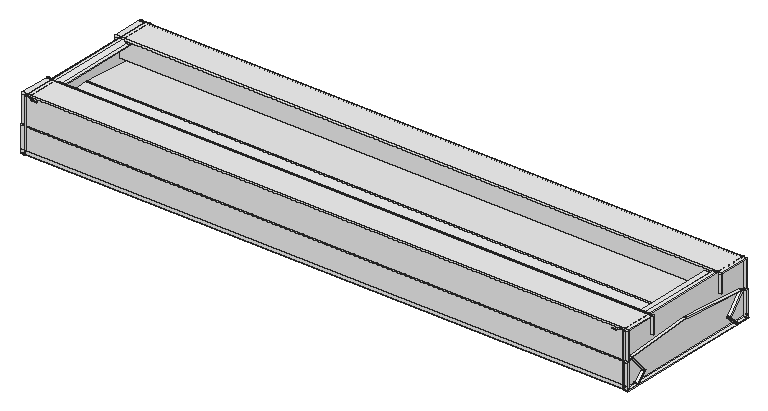
Revit family "LRTS", category Lighting Fixtures, host Ceiling, Revit 2019
Family settings
  Host = Ceiling
  Round Connector Dimension = Use Diameter
  Part Type = Normal
  OmniClass Number = 23.80.70.11.14.17
  OmniClass Title = Direct/Indirect
  Always vertical = Yes
  Cut with Voids When Loaded = No
  Light Source = Yes
  Shared = No
  Room Calculation Point = No
Parameters (values of type "LRTS1X4-LED840K065LUNV")
  Width = 0' - 11 207/256"
  Wattage = 78 W
  built-in parameter 1150110 = 1 (stored number, unit not read)
  Voltage = 120 V
  URL = "https://viscor.com/products/lrts"
  built-in parameter 1114217 = 0.9 (stored number, unit not read)
  Tilt Angle = 90.00°
  built-in parameter 1150109 = 1 (stored number, unit not read)
  built-in parameter 1150134 = 12
  built-in parameter 1150113 = 1 (stored number, unit not read)
  Photometric Web File = "LRTS1X4-LED840K065LUNV.ies"
  Model = "LRTS"  # constant formula
  Manufacturer = "VISIONEERING by VISCOR"  # constant formula
  Lumens = 6510.66 lm
  built-in parameter 1150115 = 1 (stored number, unit not read)
  built-in parameter 1150105 = 518.1 (stored number, unit not read)
  built-in parameter 1150137 = (empty or 0)
  built-in parameter 1150139 = (empty or 0)
  Lens Finish = Acrylic - Viscor - Frosted White
  Lens Depth = 0' - 0 1/8"
  Length = 3' - 11 3/4"
  Lamp Wattage = 78 VA
  built-in parameter 1150112 = 1 (stored number, unit not read)
  built-in parameter 1150114 = 1 (stored number, unit not read)
  Lamp = "LED"  # constant formula
  built-in parameter 1150132 = (empty or 0)
  built-in parameter 1150102 = (empty or 0)
  built-in parameter 1150138 = (empty or 0)
  built-in parameter 1150107 = 4000 (stored number, unit not read)
  built-in parameter 1150106 = 5.181 (stored number, unit not read)
  Housing Finish = Metal - Viscor - White
  Emit from Rectangle Width = Width  # 0' - 11 207/256"
  Emit from Rectangle Length = Length  # 3' - 11 3/4"
  Emit from Rectangle Height = Lens Depth  # 0' - 0 1/8"
  Emit Shape Visible in Rendering = no
  built-in parameter 1150104 = 7.7546 (stored number, unit not read)
  Dimming Lamp Color Temperature Shift = <None>
  Description = "Architectural Recessed Troffer Type S"  # constant formula
  Color Filter = 16777215
  built-in parameter 1114218 = 1 (stored number, unit not read)
  built-in parameter 1150133 = 10 (stored number, unit not read)
  Assembly Code = "D5020200"
  Apparent Load = Lamp Wattage  # 78 VA
Types (13): name | Width | Wattage | Photometric Web File | Lumens | built-in parameter 1150105 | Length | Lamp Wattage | built-in parameter 1150106 | Emit from Rectangle Width | Emit from Rectangle Length | built-in parameter 1150104 | Apparent Load
  (no name) | 0' - 11 207/256" | 78 W | "LRTS1X4-LED840K065LUNV.ies" | 6510.66 lm | 518.1 (stored number, unit not read) | 3' - 11 3/4" | 78 VA | 5.181 (stored number, unit not read) | 0' - 11 207/256" | 3' - 11 3/4" | 7.7546 (stored number, unit not read) | 78 VA
  LRTS2X4-LED840K030LUNV | 1' - 11 7/16" | 35 W | "LRTS2X4-LED840K030LUNV.ies" | 3024 lm | 240.64 (stored number, unit not read) | 3' - 11 3/4" | 35 VA | 2.4064 (stored number, unit not read) | 1' - 11 7/16" | 3' - 11 3/4" | 8.0268 (stored number, unit not read) | 35 VA
  LRTS2X4-LED840K050LUNV | 1' - 11 7/16" | 59.061 W | "LRTS2X4-LED840K050LUNV.ies" | 5032 lm | 400.43 (stored number, unit not read) | 3' - 11 3/4" | 59 VA | 4.0043 (stored number, unit not read) | 1' - 11 7/16" | 3' - 11 3/4" | 7.9153 (stored number, unit not read) | 59 VA
  LRTS2X2-LED840K027LUNV | 1' - 11 7/16" | 35.0649 W | "LRTS2X2-LED840K027LUNV.ies" | 2700 lm | 214.86 (stored number, unit not read) | 1' - 11 3/4" | 35 VA | 2.1486 (stored number, unit not read) | 1' - 11 7/16" | 1' - 11 3/4" | 7.1535 (stored number, unit not read) | 35 VA
  LRTS2X2-LED840K019LUNV | 1' - 11 7/16" | 25.0519 W | "LRTS2X2-LED840K019LUNV.ies" | 1929 lm | 153.5 (stored number, unit not read) | 1' - 11 3/4" | 25 VA | 1.535 (stored number, unit not read) | 1' - 11 7/16" | 1' - 11 3/4" | 7.1535 (stored number, unit not read) | 25 VA
  LRTS2X2-LED840K036LUNV | 1' - 11 7/16" | 47.0366 W | "LRTS2X2-LED840K036LUNV.ies" | 3603 lm | 286.72 (stored number, unit not read) | 1' - 11 3/4" | 47 VA | 2.8672 (stored number, unit not read) | 1' - 11 7/16" | 1' - 11 3/4" | 7.1164 (stored number, unit not read) | 47 VA
  LRTS2X2-LED840K043LUNV | 1' - 11 7/16" | 58.0134 W | "LRTS2X2-LED840K043LUNV.ies" | 4322 lm | 343.93 (stored number, unit not read) | 1' - 11 3/4" | 58 VA | 3.4393 (stored number, unit not read) | 1' - 11 7/16" | 1' - 11 3/4" | 6.9213 (stored number, unit not read) | 58 VA
  LRTS2X4-LED840K040LUNV | 1' - 11 7/16" | 47.0513 W | "LRTS2X4-LED840K040LUNV.ies" | 4037 lm | 321.25 (stored number, unit not read) | 3' - 11 3/4" | 47 VA | 3.2125 (stored number, unit not read) | 1' - 11 7/16" | 3' - 11 3/4" | 7.9711 (stored number, unit not read) | 47 VA
  LRTS2X4-LED840K065LUNV | 1' - 11 7/16" | 77.0414 W | "LRTS2X4-LED840K065LUNV.ies" | 6510 lm | 518.05 (stored number, unit not read) | 3' - 11 3/4" | 77 VA | 5.1805 (stored number, unit not read) | 1' - 11 7/16" | 3' - 11 3/4" | 7.8503 (stored number, unit not read) | 77 VA
  LRTS1X4-LED840K030LUNV | 0' - 11 207/256" | 33.9775 W | "LRTS1X4-LED840K030LUNV.ies" | 3024 lm | 240.64 (stored number, unit not read) | 3' - 11 3/4" | 34 VA | 2.4064 (stored number, unit not read) | 0' - 11 207/256" | 3' - 11 3/4" | 8.2684 (stored number, unit not read) | 34 VA
  LRTS1X4-LED840K040LUNV | 0' - 11 207/256" | 46 W | "LRTS1X4-LED840K040LUNV.ies" | 4037.42 lm | 321.29 (stored number, unit not read) | 3' - 11 3/4" | 46 VA | 3.2129 (stored number, unit not read) | 0' - 11 207/256" | 3' - 11 3/4" | 8.1541 (stored number, unit not read) | 46 VA
  LRTS1X4-LED840K050LUNV | 0' - 11 207/256" | 58 W | "LRTS1X4-LED840K050LUNV.ies" | 5032.66 lm | 400.49 (stored number, unit not read) | 3' - 11 3/4" | 58 VA | 4.0049 (stored number, unit not read) | 0' - 11 207/256" | 3' - 11 3/4" | 8.0612 (stored number, unit not read) | 58 VA
  LRTS1X4-LED840K065LUNV | 0' - 11 207/256" | 78 W | "LRTS1X4-LED840K065LUNV.ies" | 6510.66 lm | 518.1 (stored number, unit not read) | 3' - 11 3/4" | 78 VA | 5.181 (stored number, unit not read) | 0' - 11 207/256" | 3' - 11 3/4" | 7.7546 (stored number, unit not read) | 78 VA
Reference planes (in)
  plane 1 "Light Source Axis (F/B)": y = 0
  plane 2 "Ceiling": z = 96
  plane 3 "Light Source Axis (L/R)": x = 0
  plane 4 "Light Source Elevation": z = 95.875
  plane 5: y = 5.9043
  plane 6: y = -5.9043
  plane 7: x = -23.875
  plane 8: x = 23.875
  plane 9 "Lens Depth": z = 95.875
  plane 10: x = -23.84375
  plane 11: x = 23.84375
Forms (in)
  Extrusion 1, solid, material "Metal - Viscor - White" <- "Housing Finish"
    sketch origin (0, 0, 0) x (0, 1, 0) y (0, 0, 1)
      loop
        line (5.87055, 96.069) -> (5.87055, 97.99887)
        arc (5.87055, 97.99887) -> (5.85737, 98.03943) -> (5.82287, 98.06449) r 0.069
        line (5.82287, 98.06449) -> (5.39502, 98.20351)
        arc (5.39502, 98.20351) -> (2.73046, 98.51588) -> (0.04977, 98.62276) r 34.9185
        line (0.04977, 98.62276) -> (-0.04977, 98.62276)
        arc (-0.04977, 98.62276) -> (-2.73046, 98.51588) -> (-5.39502, 98.20351) r 34.9185
        line (-5.39502, 98.20351) -> (-5.82287, 98.06449)
        arc (-5.82287, 98.06449) -> (-5.85737, 98.03943) -> (-5.87055, 97.99887) r 0.069
        line (-5.87055, 97.99887) -> (-5.87055, 96.069) -> (-5.8393, 96.069) -> (-5.8393, 97.99887)
        arc (-5.8393, 97.99887) -> (-5.83209, 98.02106) -> (-5.81321, 98.03477) r 0.03775
        line (-5.81321, 98.03477) -> (-5.38536, 98.17379)
        arc (-5.38536, 98.17379) -> (-2.72624, 98.48526) -> (-0.05106, 98.59191) r 34.88764
        line (-0.05106, 98.59191) -> (0.05106, 98.59191)
        arc (0.05106, 98.59191) -> (2.72624, 98.48526) -> (5.38536, 98.17379) r 34.88764
        line (5.38536, 98.17379) -> (5.81321, 98.03477)
        arc (5.81321, 98.03477) -> (5.83209, 98.02106) -> (5.8393, 97.99887) r 0.03775
        line (5.8393, 97.99887) -> (5.8393, 96.069) -> (5.87055, 96.069)
    from -23.84375 to 23.84375
  Extrusion 2, solid, material "Metal - Viscor - White" <- "Housing Finish"
    sketch origin (0, 0, 0) x (1, 0, 0) y (0, 0, 1)
      loop
        arc (-23.56958, 96) -> (-23.52079, 96.02021) -> (-23.50058, 96.069) r 0.069
        line (-23.50058, 96.069) -> (-23.50058, 100.149)
        arc (-23.50058, 100.149) -> (-23.48916, 100.17658) -> (-23.46158, 100.188) r 0.039
        line (-23.46158, 100.188) -> (-23.18858, 100.188) -> (-22.95722, 100.01477)
        arc (-22.95722, 100.01477) -> (-22.93766, 100.00453) -> (-22.91587, 100.001) r 0.069
        line (-22.91587, 100.001) -> (-22.61432, 100.001) -> (-22.61432, 100.03225) -> (-22.92843, 100.03225) -> (-23.17818, 100.21925) -> (-23.46158, 100.21925)
        arc (-23.46158, 100.21925) -> (-23.51126, 100.19867) -> (-23.53183, 100.149) r 0.07025
        line (-23.53183, 100.149) -> (-23.53183, 96.069)
        arc (-23.53183, 96.069) -> (-23.54289, 96.04231) -> (-23.56958, 96.03125) r 0.03775
        line (-23.56958, 96.03125) -> (-23.875, 96.03125) -> (-23.875, 96) -> (-23.56958, 96)
    from -5.9043 to 5.9043
  Extrusion 3, solid, material "Metal - Viscor - White" <- "Housing Finish"
    sketch origin (0, 0, 0) x (-1, 0, 0) y (0, 0, -1)
      loop
        line (-23.56958, -96) -> (-23.875, -96) -> (-23.875, -96.03125) -> (-23.56958, -96.03125)
        arc (-23.56958, -96.03125) -> (-23.54289, -96.04231) -> (-23.53183, -96.069) r 0.03775
        line (-23.53183, -96.069) -> (-23.53183, -100.149)
        arc (-23.53183, -100.149) -> (-23.51126, -100.19867) -> (-23.46158, -100.21925) r 0.07025
        line (-23.46158, -100.21925) -> (-23.17818, -100.21925) -> (-22.92843, -100.03225) -> (-22.61432, -100.03225) -> (-22.61432, -100.001) -> (-22.91587, -100.001)
        arc (-22.91587, -100.001) -> (-22.93766, -100.00453) -> (-22.95722, -100.01477) r 0.069
        line (-22.95722, -100.01477) -> (-23.18858, -100.188) -> (-23.46158, -100.188)
        arc (-23.46158, -100.188) -> (-23.48916, -100.17658) -> (-23.50058, -100.149) r 0.039
        line (-23.50058, -100.149) -> (-23.50058, -96.069)
        arc (-23.50058, -96.069) -> (-23.52079, -96.02021) -> (-23.56958, -96) r 0.069
    from -5.9043 to 5.9043
  Extrusion 4, solid, material "Metal - Viscor - White" <- "Housing Finish"
    sketch origin (0, 0, 0) x (0, 1, 0) y (0, 0, 1)
      loop
        line (5.83005, 98.06787) -> (5.83005, 100.179)
        arc (5.83005, 100.179) -> (5.81189, 100.22284) -> (5.76805, 100.241) r 0.062
        line (5.76805, 100.241) -> (3.38905, 100.241)
        arc (3.38905, 100.241) -> (3.34521, 100.22284) -> (3.32705, 100.179) r 0.062
        line (3.32705, 100.179) -> (3.32705, 98.82708) -> (3.3583, 98.82708) -> (3.3583, 100.179)
        arc (3.3583, 100.179) -> (3.3673, 100.20074) -> (3.38905, 100.20975) r 0.03075
        line (3.38905, 100.20975) -> (5.76805, 100.20975)
        arc (5.76805, 100.20975) -> (5.78979, 100.20074) -> (5.7988, 100.179) r 0.03075
        line (5.7988, 100.179) -> (5.7988, 98.06787) -> (5.83005, 98.06787)
    from -23.84375 to 23.84375
  Extrusion 5, solid, material "Metal - Viscor - White" <- "Housing Finish"
    sketch origin (0, 0, 0) x (0, -1, 0) y (0, 0, -1)
      loop
        line (5.83005, -98.06787) -> (5.7988, -98.06787) -> (5.7988, -100.179)
        arc (5.7988, -100.179) -> (5.78979, -100.20074) -> (5.76805, -100.20975) r 0.03075
        line (5.76805, -100.20975) -> (3.38905, -100.20975)
        arc (3.38905, -100.20975) -> (3.3673, -100.20074) -> (3.3583, -100.179) r 0.03075
        line (3.3583, -100.179) -> (3.3583, -98.82708) -> (3.32705, -98.82708) -> (3.32705, -100.179)
        arc (3.32705, -100.179) -> (3.34521, -100.22284) -> (3.38905, -100.241) r 0.062
        line (3.38905, -100.241) -> (5.76805, -100.241)
        arc (5.76805, -100.241) -> (5.81189, -100.22284) -> (5.83005, -100.179) r 0.062
        line (5.83005, -100.179) -> (5.83005, -98.06787)
    from -23.84375 to 23.84375
  Extrusion 6, void
    sketch origin (0, 0, 0) x (1, 0, 0) y (0, 1, 0)
      loop
        line (-23.875, -5.9043) -> (23.875, -5.9043) -> (23.875, 5.9043) -> (-23.875, 5.9043) -> (-23.875, -5.9043)
    from 95.65847 to 100.53177
  Extrusion 7, solid, material "Metal - Viscor - White" <- "Housing Finish"
    sketch origin (0, 0, 0) x (0, 1, 0) y (0, 0, 1)
      loop
        line (5.90055, 96.053) -> (5.90055, 96.29147) -> (5.8693, 96.29147) -> (5.8693, 96.053)
        arc (5.8693, 96.053) -> (5.86293, 96.03762) -> (5.84755, 96.03125) r 0.02175
        line (5.84755, 96.03125) -> (4.84806, 96.03125) -> (4.14132, 96.73799) -> (4.11923, 96.71589) -> (4.8196, 96.01552)
        arc (4.8196, 96.01552) -> (4.83679, 96.00403) -> (4.85707, 96) r 0.053
        line (4.85707, 96) -> (5.84755, 96)
        arc (5.84755, 96) -> (5.88502, 96.01552) -> (5.90055, 96.053) r 0.053
    from -23.84375 to 23.84375
  Extrusion 8, solid, material "Metal - Viscor - White" <- "Housing Finish"
    sketch origin (0, 0, 0) x (0, -1, 0) y (0, 0, -1)
      loop
        arc (5.90055, -96.053) -> (5.88502, -96.01552) -> (5.84755, -96) r 0.053
        line (5.84755, -96) -> (4.85707, -96)
        arc (4.85707, -96) -> (4.83679, -96.00403) -> (4.8196, -96.01552) r 0.053
        line (4.8196, -96.01552) -> (4.11923, -96.71589) -> (4.14132, -96.73799) -> (4.84806, -96.03125) -> (5.84755, -96.03125)
        arc (5.84755, -96.03125) -> (5.86293, -96.03762) -> (5.8693, -96.053) r 0.02175
        line (5.8693, -96.053) -> (5.8693, -96.29147) -> (5.90055, -96.29147) -> (5.90055, -96.053)
    from -23.84375 to 23.84375
  Extrusion 9, solid, material "Acrylic - Viscor - Frosted White" <- "Lens Finish"
    sketch origin (0, 0, 0) x (0, 1, 0) y (0, 0, 1)
      loop
        line (4.8483, 96.03042) -> (4.87592, 96.05804) -> (4.24079, 96.69317)
        arc (4.24079, 96.69317) -> (4.22913, 96.71967) -> (4.23844, 96.74708) r 0.03994
        line (4.23844, 96.74708) -> (5.3813, 98.10909)
        arc (5.3813, 98.10909) -> (5.40088, 98.12181) -> (5.42423, 98.1214) r 0.03994
        line (5.42423, 98.1214) -> (5.80153, 97.99881) -> (5.8136, 98.03596) -> (5.4363, 98.15855)
        arc (5.4363, 98.15855) -> (5.39011, 98.15936) -> (5.35137, 98.1342) r 0.079
        line (5.35137, 98.1342) -> (4.20851, 96.77219)
        arc (4.20851, 96.77219) -> (4.19011, 96.71797) -> (4.21317, 96.66555) r 0.079
        line (4.21317, 96.66555) -> (4.8483, 96.03042)
    from -23.84375 to 23.84375
  Extrusion 10, solid, material "Acrylic - Viscor - Frosted White" <- "Lens Finish"
    sketch origin (0, 0, 0) x (0, -1, 0) y (0, 0, -1)
      loop
        line (4.8483, -96.03042) -> (4.21317, -96.66555)
        arc (4.21317, -96.66555) -> (4.19011, -96.71797) -> (4.20851, -96.77219) r 0.079
        line (4.20851, -96.77219) -> (5.35137, -98.1342)
        arc (5.35137, -98.1342) -> (5.39011, -98.15936) -> (5.4363, -98.15855) r 0.079
        line (5.4363, -98.15855) -> (5.8136, -98.03596) -> (5.80153, -97.99881) -> (5.42423, -98.1214)
        arc (5.42423, -98.1214) -> (5.40088, -98.12181) -> (5.3813, -98.10909) r 0.03994
        line (5.3813, -98.10909) -> (4.23844, -96.74708)
        arc (4.23844, -96.74708) -> (4.22913, -96.71967) -> (4.24079, -96.69317) r 0.03994
        line (4.24079, -96.69317) -> (4.87592, -96.05804) -> (4.8483, -96.03042)
    from -23.84375 to 23.84375
Dimensions and locks (in)
  equal spacing: host sketch curve, plane 3 "Light Source Axis (L/R)", host sketch curve
  equal spacing: host sketch curve, plane 1 "Light Source Axis (F/B)", host sketch curve
  host sketch curve to host sketch curve = 10' - 0"  (x2)
  equal spacing: plane 7, plane 3 "Light Source Axis (L/R)", plane 8
  "Length": plane 7 to plane 8
  equal spacing: plane 5, plane 1 "Light Source Axis (F/B)", plane 6
  "Width": plane 5 to plane 6
  "Emit from Rectangle Height": plane 4 "Light Source Elevation" to plane 2 "Ceiling"
  "Lens Depth": plane 2 "Ceiling" to plane 9 "Lens Depth"
  locked: plane 10 to plane 7 at 0.03125
  locked: plane 11 to plane 8 at 0.03125
  aligned and locked: plane 3 "Light Source Axis (L/R)" to imposter light
  aligned and locked: plane 1 "Light Source Axis (F/B)" to imposter light
  aligned and locked: plane 4 "Light Source Elevation" to imposter light
  aligned and locked: Extrusion 1 to plane 10
  aligned and locked: Extrusion 1 to plane 11
  aligned and locked: Extrusion 2 to plane 6
  aligned and locked: plane 5 to Extrusion 2
  aligned and locked: plane 5 to Extrusion 3
  aligned and locked: Extrusion 3 to plane 6
  aligned and locked: Extrusion 4 to plane 10
  aligned and locked: Extrusion 4 to plane 11
  aligned and locked: plane 10 to Extrusion 5
  aligned and locked: Extrusion 5 to plane 11
  aligned and locked: Extrusion 7 to plane 10
  aligned and locked: Extrusion 7 to plane 11
  aligned and locked: plane 10 to Extrusion 8
  aligned and locked: Extrusion 8 to plane 11
  aligned and locked: Extrusion 9 to plane 10
  aligned and locked: Extrusion 9 to plane 11
  aligned and locked: plane 10 to Extrusion 10
  aligned and locked: Extrusion 10 to plane 11
Automatic sketch dimensions
  Extrusion 1 sketch curve to Extrusion 1 sketch curve = 0' - 0"  (x16)
  Extrusion 1 sketch curve to plane 1 "Light Source Axis (F/B)" = 0' - 0"
  plane 1 "Light Source Axis (F/B)" to Extrusion 1 sketch curve = 0' - 0.04977"
  Extrusion 1 sketch curve to Extrusion 1 sketch curve = 0' - 0.00129"  (x2)
  plane 6 to Extrusion 1 sketch curve = 0' - 0.51894"
  Extrusion 1 sketch curve to Extrusion 1 sketch curve = 0' - 0.00966"  (x4)
  plane 6 to Extrusion 1 sketch curve = 0' - 0.10275"
  Extrusion 1 sketch curve to Extrusion 1 sketch curve = 0' - 0.01167"  (x2)
  plane 6 to Extrusion 1 sketch curve = 0' - 0.065"
  Extrusion 1 sketch curve to Extrusion 1 sketch curve = 0' - 0 1/32"  (x2)
  Extrusion 1 sketch curve to plane 1 "Light Source Axis (F/B)" = 0' - 0.04977"
  Extrusion 1 sketch curve to plane 5 = 0' - 0.51894"
  Extrusion 1 sketch curve to plane 5 = 0' - 0.10275"
  Extrusion 1 sketch curve to plane 5 = 0' - 0.065"
  plane 4 "Light Source Elevation" to Extrusion 1 sketch curve = 2' - 8.1707"
  plane 2 "Ceiling" to Extrusion 1 sketch curve = 0' - 0.069"  (x2)
  Extrusion 1 sketch curve to Extrusion 1 sketch curve = 0' - 1.92987"  (x2)
  Extrusion 1 sketch curve to Extrusion 1 sketch curve = 0' - 0.13902"
  Extrusion 1 sketch curve to Extrusion 1 sketch curve = 0' - 0.02972"
  Extrusion 2 sketch curve to Extrusion 2 sketch curve = 0' - 0"  (x4)
  Extrusion 2 sketch curve to plane 2 "Ceiling" = 0' - 0"
  Extrusion 2 sketch curve to plane 7 = 0' - 0"
  plane 2 "Ceiling" to Extrusion 2 sketch curve = 0' - 0.069"
  plane 10 to Extrusion 2 sketch curve = 0' - 0.27417"
  Extrusion 2 sketch curve to Extrusion 2 sketch curve = 0' - 0 1/32"  (x2)
  Extrusion 2 sketch curve to Extrusion 2 sketch curve = 0' - 0.039"
  Extrusion 2 sketch curve to Extrusion 2 sketch curve = 0' - 0.273"
  Extrusion 2 sketch curve to Extrusion 2 sketch curve = 0' - 0.0104"
  Extrusion 2 sketch curve to Extrusion 2 sketch curve = 0' - 0.23136"
  Extrusion 2 sketch curve to Extrusion 2 sketch curve = 0' - 0.02879"
  Extrusion 2 sketch curve to Extrusion 2 sketch curve = 0' - 0.01257"
  Extrusion 2 sketch curve to Extrusion 2 sketch curve = 0' - 0.30155"
  Extrusion 2 sketch curve to Extrusion 2 sketch curve = 0' - 3.932"
  Extrusion 2 sketch curve to Extrusion 2 sketch curve = 0' - 0.01377"
  Extrusion 2 sketch curve to Extrusion 2 sketch curve = 0' - 0.13423"
  Extrusion 3 sketch curve to Extrusion 3 sketch curve = 0' - 0"  (x4)
  Extrusion 3 sketch curve to plane 2 "Ceiling" = 0' - 0"
  Extrusion 3 sketch curve to plane 8 = 0' - 0"
  Extrusion 3 sketch curve to plane 2 "Ceiling" = 0' - 0.069"
  plane 11 to Extrusion 3 sketch curve = 0' - 0.27417"
  Extrusion 3 sketch curve to Extrusion 3 sketch curve = 0' - 0 1/32"  (x2)
  Extrusion 3 sketch curve to Extrusion 3 sketch curve = 0' - 0.039"
  Extrusion 3 sketch curve to Extrusion 3 sketch curve = 0' - 0.273"
  Extrusion 3 sketch curve to Extrusion 3 sketch curve = 0' - 0.0104"
  Extrusion 3 sketch curve to Extrusion 3 sketch curve = 0' - 0.23136"
  Extrusion 3 sketch curve to Extrusion 3 sketch curve = 0' - 0.02879"
  Extrusion 3 sketch curve to Extrusion 3 sketch curve = 0' - 0.01257"
  Extrusion 3 sketch curve to Extrusion 3 sketch curve = 0' - 0.30155"
  Extrusion 3 sketch curve to Extrusion 3 sketch curve = 0' - 3.932"
  Extrusion 3 sketch curve to Extrusion 3 sketch curve = 0' - 0.01377"
  Extrusion 3 sketch curve to Extrusion 3 sketch curve = 0' - 0.13423"
  Extrusion 4 sketch curve to Extrusion 4 sketch curve = 0' - 0"  (x4)
  Extrusion 4 sketch curve to plane 5 = 0' - 2.57725"
  Extrusion 4 sketch curve to Extrusion 4 sketch curve = 0' - 0 1/32"
  Extrusion 4 sketch curve to Extrusion 4 sketch curve = 0' - 0.03075"
  Extrusion 4 sketch curve to plane 5 = 0' - 0.13625"
  Extrusion 4 sketch curve to plane 5 = 0' - 0.1055"
  plane 2 "Ceiling" to Extrusion 4 sketch curve = 0' - 2.06787"
  Extrusion 4 sketch curve to Extrusion 4 sketch curve = 0' - 0.75921"
  Extrusion 4 sketch curve to Extrusion 4 sketch curve = 0' - 1.35192"
  Extrusion 5 sketch curve to Extrusion 5 sketch curve = 0' - 0"  (x4)
  plane 6 to Extrusion 5 sketch curve = 0' - 2.57725"
  Extrusion 5 sketch curve to Extrusion 5 sketch curve = 0' - 0 1/32"
  Extrusion 5 sketch curve to Extrusion 5 sketch curve = 0' - 0.03075"
  plane 6 to Extrusion 5 sketch curve = 0' - 0.13625"
  plane 6 to Extrusion 5 sketch curve = 0' - 0.1055"
  plane 2 "Ceiling" to Extrusion 5 sketch curve = 0' - 4.241"
  Extrusion 5 sketch curve to Extrusion 5 sketch curve = 0' - 1.35192"
  plane 2 "Ceiling" to Extrusion 5 sketch curve = 0' - 2.06787"
  Extrusion 6 sketch curve to plane 5 = 0' - 0"
  Extrusion 6 sketch curve to plane 7 = 0' - 0"
  Extrusion 6 sketch curve to plane 8 = 0' - 0"
  Extrusion 6 sketch curve to plane 6 = 0' - 0"
  Extrusion 7 sketch curve to Extrusion 7 sketch curve = 0' - 0"  (x2)
  Extrusion 7 sketch curve to plane 2 "Ceiling" = 0' - 0"
  Extrusion 7 sketch curve to plane 5 = 0' - 1.78507"
  plane 2 "Ceiling" to Extrusion 7 sketch curve = 0' - 0.73799"
  Extrusion 7 sketch curve to Extrusion 7 sketch curve = 0' - 0.0221"
  plane 2 "Ceiling" to Extrusion 7 sketch curve = 0' - 0.01552"
  Extrusion 7 sketch curve to Extrusion 7 sketch curve = 0' - 0.70037"
  plane 2 "Ceiling" to Extrusion 7 sketch curve = 0' - 0 1/32"
  Extrusion 7 sketch curve to Extrusion 7 sketch curve = 0' - 0.00901"
  Extrusion 7 sketch curve to plane 5 = 0' - 0.05675"
  Extrusion 7 sketch curve to plane 5 = 0' - 0.035"
  Extrusion 7 sketch curve to Extrusion 7 sketch curve = 0' - 0.23847"
  Extrusion 8 sketch curve to Extrusion 8 sketch curve = 0' - 0"  (x2)
  Extrusion 8 sketch curve to plane 2 "Ceiling" = 0' - 0"
  Extrusion 8 sketch curve to plane 6 = 0' - 1.78507"
  Extrusion 8 sketch curve to plane 2 "Ceiling" = 0' - 0.73799"
  Extrusion 8 sketch curve to Extrusion 8 sketch curve = 0' - 0.0221"
  Extrusion 8 sketch curve to plane 2 "Ceiling" = 0' - 0.01552"
  Extrusion 8 sketch curve to Extrusion 8 sketch curve = 0' - 0.70037"
  Extrusion 8 sketch curve to plane 2 "Ceiling" = 0' - 0 1/32"
  Extrusion 8 sketch curve to Extrusion 8 sketch curve = 0' - 0.00901"
  Extrusion 8 sketch curve to plane 6 = 0' - 0.05675"
  Extrusion 8 sketch curve to plane 6 = 0' - 0.035"
  Extrusion 8 sketch curve to Extrusion 8 sketch curve = 0' - 0.23847"
  Extrusion 9 sketch curve to Extrusion 9 sketch curve = 0' - 0"  (x4)
  plane 2 "Ceiling" to Extrusion 9 sketch curve = 0' - 0.77219"
  Extrusion 9 sketch curve to plane 5 = 0' - 1.69578"
  plane 2 "Ceiling" to Extrusion 9 sketch curve = 0' - 0.66555"
  Extrusion 9 sketch curve to Extrusion 9 sketch curve = 0' - 0.00466"
  Extrusion 9 sketch curve to Extrusion 9 sketch curve = 0' - 0.02992"  (x2)
  plane 2 "Ceiling" to Extrusion 9 sketch curve = 0' - 0.69317"
  Extrusion 9 sketch curve to Extrusion 9 sketch curve = 0' - 0.02762"
  Extrusion 9 sketch curve to Extrusion 9 sketch curve = 0' - 0.03059"  (x2)
  plane 2 "Ceiling" to Extrusion 9 sketch curve = 0' - 0.03042"
  Extrusion 9 sketch curve to Extrusion 9 sketch curve = 0' - 0.63513"
  Extrusion 9 sketch curve to plane 5 = 0' - 0.55293"
  Extrusion 9 sketch curve to Extrusion 9 sketch curve = 0' - 0.01234"
  Extrusion 9 sketch curve to Extrusion 9 sketch curve = 0' - 0.01207"  (x2)
  Extrusion 9 sketch curve to plane 5 = 0' - 0.10277"
  Extrusion 9 sketch curve to Extrusion 9 sketch curve = 0' - 1.2774"
  Extrusion 9 sketch curve to Extrusion 9 sketch curve = 0' - 0.03715"
  Extrusion 9 sketch curve to Extrusion 9 sketch curve = 0' - 0.03798"
  Extrusion 10 sketch curve to Extrusion 10 sketch curve = 0' - 0"  (x4)
  plane 2 "Ceiling" to Extrusion 10 sketch curve = 0' - 0.77219"
  plane 6 to Extrusion 10 sketch curve = 0' - 1.69578"
  plane 2 "Ceiling" to Extrusion 10 sketch curve = 0' - 0.66555"
  Extrusion 10 sketch curve to Extrusion 10 sketch curve = 0' - 0.00466"
  Extrusion 10 sketch curve to Extrusion 10 sketch curve = 0' - 0.02992"  (x2)
  plane 2 "Ceiling" to Extrusion 10 sketch curve = 0' - 0.69317"
  Extrusion 10 sketch curve to Extrusion 10 sketch curve = 0' - 0.02762"
  Extrusion 10 sketch curve to Extrusion 10 sketch curve = 0' - 0.03059"  (x2)
  plane 2 "Ceiling" to Extrusion 10 sketch curve = 0' - 0.03042"
  Extrusion 10 sketch curve to Extrusion 10 sketch curve = 0' - 0.63513"
  plane 6 to Extrusion 10 sketch curve = 0' - 0.55293"
  Extrusion 10 sketch curve to Extrusion 10 sketch curve = 0' - 0.01234"
  Extrusion 10 sketch curve to Extrusion 10 sketch curve = 0' - 0.01207"  (x2)
  plane 6 to Extrusion 10 sketch curve = 0' - 0.10277"
  Extrusion 10 sketch curve to Extrusion 10 sketch curve = 0' - 1.2774"
  Extrusion 10 sketch curve to Extrusion 10 sketch curve = 0' - 0.03715"
  Extrusion 10 sketch curve to Extrusion 10 sketch curve = 0' - 0.03798"
Connectors (in)
  electrical at (0, 0, 96), driven by "Voltage", driven by "Apparent Load"
    settings: index 1, voltage 120 V, apparent load 0 VA, apparent load phase1 78 VA, apparent load phase2 0 VA, apparent load phase3 0 VA, power factor 1, load classification "Other", number of poles 1, system type 31, power factor state 1, is connector primary yes, connector utility no, sub classification motor no, connector description ""
